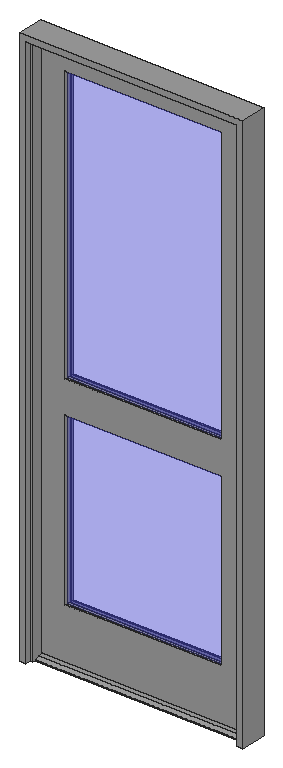
Revit family "MS-375 PIVOT DOOR-VIP-1-CW_v05", category Curtain Panels, Revit 2015
Parameters
  Width [instance] = 3' - 2"
  VIP2 Panic Devices [instance] = not(VIP1 Panic Devices)  # yes
  URL = "obe.com"
  Rough Width [instance] = 3' - 2"
  Panel Width [instance] = [Min-Max Panel Width]  # 3' - 0"
  Panel Offset [instance] = 0' - 0"
  Offset [instance] = 0' - 1"
  Model = "MS-375 DOOR"
  Min-Max Rough Width [instance] = if(and((Rough Width > 3' 1 255/256"), (Rough Width < 3' 8 1/256")), Rough Width, 3' 8")  # 3' - 2"
  Min-Max Panel Width [instance] = if(and((Rough Width > 3' 1 255/256"), (Rough Width < 3' 8 1/256")), Rough Width - 0' 2", 3' 6")  # 3' - 0"
  Manufacturer = "Oldcastle BuildingEnvelope®"
  Keynote = "08 11 00"
  Height [instance] = 8' - 0"
  Pushbar Height [instance] = 3' - 5 1/4"  # constant formula
  Glass Material = Glass
  Frame Material = Aluminum
  Door Panel Height [instance] = Height - 0' 0 19/32"  # 7' - 11 13/32"
  Description = "MS-375 - 1\" Door Infill"
  Assembly Code = "B2030"
  Analytic Construction = "<None>"
  VIP1 Panic Devices [instance] = no
  10 Bottom Rail [instance] = not([8 Bottom Rail])  # no
  8 Bottom Rail [instance] = yes
Reference planes (in)
  plane 1 "Front": y = 0
  plane 2: z = 0
  plane 3 "Center (Left/Right)": x = 0
  plane 4 "Left": x = -19
  plane 5 "Right": x = 19
  plane 6 "Top": z = 96
  plane 7 "Offset": y = -1
  plane 8: y = -2.28244
  plane 9: y = -2.28244
  plane 10: x = -19
  plane 11: x = 19
Forms (in)
  Sweep 1, solid, material "Aluminum" <- "Frame Material"
    path origin (0, -1, 0) x (-1, 0, 0) y (0, 0, 1)
      loop
        line (19, 0) -> (19, 96)
    profile origin (-19, -1, 48) x (1, 0, 0) y (0, 1, 0)
      loop
        line (1, -1.97) -> (1, 0) -> (0, 0) -> (0, -4.5) -> (1, -4.5) -> (1, -3.595) -> (1.5, -3.595) -> (1.5, -1.97) -> (1, -1.97)
  Sweep 2, solid, material "Aluminum" <- "Frame Material"
    path origin (0, -1, 0) x (-1, 0, 0) y (0, 0, 1)
      loop
        line (-19, 0) -> (-19, 96)
    profile origin (19, -1, 48) x (1, 0, 0) y (0, 1, 0)
      loop
        line (-1, -1.97) -> (-1.5, -1.97) -> (-1.5, -3.595) -> (-1, -3.595) -> (-1, -4.5) -> (0, -4.5) -> (0, 0) -> (-1, 0) -> (-1, -1.97)
  Extrusion 3, solid, material "Aluminum" <- "Frame Material"
    sketch origin (-19, 0, 0) x (0, -1, 0) y (0, 0, 1)
      loop
        line (2.97, 94.5) -> (4.595, 94.5) -> (4.595, 95) -> (5.5, 95) -> (5.5, 96) -> (1, 96) -> (1, 95) -> (2.97, 95) -> (2.97, 94.5)
    from -38 to 0
Cuts and joins
  joined: Sweep 1, Sweep 2, Extrusion 3
Text (in)
  text "Exterior" at (-54.29358, 31.38743, 0), in view "Ref. Level"
  text "Exterior" at (480, 41.53993, 89.60405), in view "Right"
  text "Exterior" at (-240, 57.82419, 105.78864), in view "Left"
Dimensions and locks (in)
  equal spacing: plane 4 "Left", plane 3 "Center (Left/Right)", plane 5 "Right"
  "Width": plane 4 "Left" to plane 5 "Right"
  "Height": plane 6 "Top" to plane 2
  "Offset": plane 1 "Front" to plane 7 "Offset"
  locked: plane 7 "Offset" to plane 8 at 1.28244
  locked: plane 7 "Offset" to plane 9 at 1.28244
  locked: plane 7 "Offset" to nested 3 at 1.28244
  Extrusion 3 sketch curve to Extrusion 3 sketch curve to Extrusion 3 sketch curve = 0' - 0 1/2" locked, 0' - 0" locked
  Extrusion 3 sketch curve to Extrusion 3 sketch curve to Extrusion 3 sketch curve to Extrusion 3 sketch curve = 0' - 1.97" locked, 0' - 1 5/8" locked, 0' - 0.905" locked
  locked: Extrusion 3 sketch curve to Extrusion 3 sketch curve at 1
  equal spacing: plane 10, plane 3 "Center (Left/Right)", plane 11
  "Min-Max Rough Width": plane 10 to plane 11
  aligned and locked: level to plane 2
  aligned and locked: nested 1 to plane 8
  aligned and locked: nested 2 to plane 9
  aligned and locked: plane 6 "Top" to Sweep 1 sketch curve
  aligned and locked: level to Sweep 1 sketch curve
  aligned and locked: plane 6 "Top" to Sweep 2 sketch curve
  aligned and locked: level to Sweep 2 sketch curve
  aligned and locked: plane 6 "Top" to nested 3
  aligned and locked: Extrusion 3 to plane 6 "Top"
  aligned and locked: Extrusion 3 sketch curve to plane 6 "Top"
  aligned and locked: plane 3 "Center (Left/Right)" to nested 4
  aligned and locked: nested 4 to plane 7 "Offset"  (x2)
  aligned and locked: nested 2 to plane 10
  aligned and locked: plane 11 to nested 1
  aligned and locked: Sweep 1 sketch curve to plane 10
  aligned and locked: plane 11 to Sweep 2 sketch curve
  aligned and locked: cut or joined group of Sweep 1, Sweep 2, Extrusion 3 to plane 11
  aligned and locked: cut or joined group of Sweep 1, Sweep 2, Extrusion 3 to plane 10
Automatic sketch dimensions
  Sweep 1 sketch curve to profile plane = 0' - 0"
  Sweep 1 sketch curve to plane 7 "Offset" = 0' - 0"
  Sweep 1 sketch curve to profile plane = 0' - 1"  (x2)
  Sweep 1 sketch curve to Sweep 1 sketch curve = 0' - 0 1/2"
  Sweep 1 sketch curve to plane 7 "Offset" = 0' - 1.97"
  Sweep 1 sketch curve to Sweep 1 sketch curve = 0' - 1 5/8"
  Sweep 1 sketch curve to Sweep 1 sketch curve = 0' - 0.905"
  Sweep 2 sketch curve to plane 7 "Offset" = 0' - 0"
  Sweep 2 sketch curve to profile plane = 0' - 0"
  profile plane to Sweep 2 sketch curve = 0' - 1"  (x2)
  Sweep 2 sketch curve to Sweep 2 sketch curve = 0' - 0 1/2"
  Sweep 2 sketch curve to plane 7 "Offset" = 0' - 1.97"
  Sweep 2 sketch curve to Sweep 2 sketch curve = 0' - 1 5/8"
  Sweep 2 sketch curve to Sweep 2 sketch curve = 0' - 0.905"
  Extrusion 3 sketch curve to plane 7 "Offset" = 0' - 0"
Nested families (in)
  nested 1: "2.5x6-RTCIG CW-H8533-DHD-OHD SC-DI" at (19, -2.28244, 0) x (0, -1, 0) z (0, 0, 1), type "2.5x6-RTCIG CW-H8533-DHD-OHD SC-DI"
  nested 2: "2.5x6-RTCIG CW-H8533-DHD-OHD SC-DI" at (-19, -2.28244, 0) x (0, -1, 0) z (0, 0, 1), type "2.5x6-RTCIG CW-H8533-DHD-OHD SC-DI"
  nested 3: "2.5x6-RTCIG CW-H8533-DHD-OHD SC-DI" at (-33, -2.28244, 96) x (0, -1, 0) z (-1, 0, 0), type "2.5x6-RTCIG CW-H8533-DHD-OHD SC-DI"
  nested 4: "MS-375 PIVOT DOOR-VIP-1-Panel_v04" at (0, -17, 0), Height <- "Door Panel Height", Frame Material <- "Frame Material", Glass Material <- "Glass Material", Width <- "Min-Max Panel Width", VIP1 Panic Devices <- "VIP1 Panic Devices", 8 Bottom Rail <- "8 Bottom Rail", VIP2 Panic Devices <- "VIP2 Panic Devices", type "MS-375 DOOR-1-Panel"
    with built-in parameter 1001301 3' - 0", VIP2 Panic Devices yes, VIP1 Panic Devices no, Pushbar Height 3' - 5 1/4", Offset 0' - 0", built-in parameter 1001300 7' - 11 13/32", Glass at Muntin 0' - 4 15/16", Glass Material Glass, Frame Material Aluminum, Bottom Rail 0' - 9 5/32", 8 Bottom Rail yes, 10 Bottom Rail no
Definition of nested family "MS-375 PIVOT DOOR-VIP-1-Panel_v04"
  Parameters (values of type "MS-375 DOOR-1-Panel")
    Width [instance] = 3' - 6"
    VIP2 Panic Devices [instance] = no
    VIP1 Panic Devices [instance] = not(VIP2 Panic Devices)  # yes
    Offset [instance] = 0' - 10 15/16"
    Height [instance] = 8' - 0"
    Glass at Muntin [instance] = if(VIP2 Panic Devices, 0' 4 15/16", 0' 8 15/16")  # 0' - 8 15/16"
    Pushbar Height [instance] = 3' - 5 1/4"  # constant formula
    Glass Material [instance] = none
    Frame Material [instance] = none
    Bottom Rail [instance] = if([10 Bottom Rail], 0' 11 5/32", 0' 9 5/32")  # 0' - 11 5/32"
    Analytic Construction = "<None>"
    8 Bottom Rail [instance] = no
    10 Bottom Rail [instance] = not([8 Bottom Rail])  # yes
  Reference planes (in)
    plane 1 "00": y = 4.0625
    plane 2: z = 0
    plane 3 "Center (Left/Right)": x = 0
    plane 4: z = 96
    plane 5: x = 21
    plane 6: x = -21
    plane 7 "Center (Front/Back)": y = 16
    plane 8 "Exterior": y = 4.5625
    plane 9: z = 48
    plane 10: z = 92.96875
    plane 11: z = 92
    plane 12: z = 11.15625
    plane 13: z = 36.78125
    plane 14: z = 45.71875
    plane 15: y = 5.0625
    plane 16: z = 41.25
  Forms (in)
    Sweep 1, solid, material <- "Frame Material"
      path origin (0, 4.0625, 0) x (1, 0, 0) y (0, 0, 1)
        loop
          line (-20.79246, 96) -> (20.80204, 96)
      profile origin (0.00479, 4.0625, 96) x (0, 0, 1) y (0, -1, 0)
        loop
          line (-0.40638, -0.875) -> (-0.40638, 0.875) -> (-2.74593, 0.875) -> (-4.28125, 0.875) -> (-4.28125, 0.5) -> (-4, 0.5) -> (-4, -0.5) -> (-4.28125, -0.5) -> (-4.28125, -0.875) -> (-2.74593, -0.875) -> (-0.40638, -0.875)
    Sweep 2, solid, material <- "Frame Material"
      path origin (0, 4.0625, 0) x (1, 0, 0) y (0, 0, 1)
        loop
          line (20.80204, 0) -> (-20.79246, 0)
      profile origin (0.00479, 4.0625, 0) x (0, 0, -1) y (0, -1, 0)
        loop
          line (-11.4375, -0.5) -> (-11.4375, -0.875) -> (-0.6875, -0.875) -> (-0.6875, 0.875) -> (-11.4375, 0.875) -> (-11.4375, 0.5) -> (-11.15625, 0.5) -> (-11.15625, -0.5) -> (-11.4375, -0.5)
        loop
          line (-0.5, 1.5305) -> (-0.5, -1.1555) -> (-0.19364, -1.8125) -> (-0.00001, -1.8125) -> (-0.00001, 2.1875) -> (-0.19364, 2.1875) -> (-0.5, 1.5305)
    Sweep 3, solid, material <- "Frame Material"
      path origin (0, 4.0625, 0) x (1, 0, 0) y (0, 0, 1)
        loop
          line (21, 95.59362) -> (21, 0.6875)
      profile origin (21, 4.0625, 48.14056) x (0, -1, 0) y (1, 0, 0)
        loop
          line (0.875, -0.19796) -> (-0.875, -0.08896) -> (-0.875, -2.31889) -> (-0.875, -4.58896) -> (-0.5, -4.58896) -> (-0.5, -4.30771) -> (0.5, -4.30771) -> (0.5, -4.58896) -> (0.875, -4.58896) -> (0.875, -2.31889) -> (0.875, -0.19796)
    Sweep 4, solid, material <- "Frame Material"
      path origin (0, 4.0625, 0) x (1, 0, 0) y (0, 0, 1)
        loop
          line (-21, 95.59362) -> (-21, 0.6875)
      profile origin (-21, 4.0625, 48.14056) x (0, -1, 0) y (1, 0, 0)
        loop
          line (-0.875, 0.09854) -> (0.875, 0.20754) -> (0.875, 2.21947) -> (0.875, 4.59854) -> (0.5, 4.59854) -> (0.5, 4.31729) -> (-0.5, 4.31729) -> (-0.5, 4.59854) -> (-0.875, 4.59854) -> (-0.875, 2.21947) -> (-0.875, 0.09854)
    Sweep 5, solid, material <- "Frame Material"
      path origin (0, 4.0625, 0) x (1, 0, 0) y (0, 0, 1)
        loop
          line (20.80204, 48) -> (-20.79246, 48)
      profile origin (0.00479, 4.0625, 48) x (0, 0, -1) y (0, -1, 0)
        loop
          line (7.5, -0.875) -> (11.5, -0.875) -> (11.5, -0.5) -> (11.21875, -0.5) -> (11.21875, 0.5) -> (11.5, 0.5) -> (11.5, 0.875) -> (7.5, 0.875) -> (2, 0.875) -> (2, 0.5) -> (2.28125, 0.5) -> (2.28125, -0.5) -> (2, -0.5) -> (2, -0.875) -> (7.5, -0.875)
    Extrusion 6, solid, material <- "Glass Material", detail levels coarse
      sketch origin (0, 0, 0) x (1, 0, 0) y (0, 1, 0)
        loop
          line (-16.68271, 4.5625) -> (-16.68271, 3.5625) -> (16.69229, 3.5625) -> (16.69229, 4.5625) -> (-16.68271, 4.5625)
      from 45.71875 to 92
    Extrusion 7, solid, material <- "Glass Material", detail levels medium+fine
      sketch origin (0, 0, 0) x (1, 0, 0) y (0, 1, 0)
        loop
          line (-16.68271, 3.5625) -> (16.69229, 3.5625) -> (16.69229, 3.8105) -> (-16.68271, 3.8105) -> (-16.68271, 3.5625)
        loop
          line (16.69229, 4.5625) -> (-16.68271, 4.5625) -> (-16.68271, 4.3145) -> (16.69229, 4.3145) -> (16.69229, 4.5625)
      from 45.71875 to 92
    Extrusion 8, solid, material <- "Glass Material", detail levels coarse
      sketch origin (0, 0, 0) x (1, 0, 0) y (0, 1, 0)
        loop
          line (-16.68271, 4.5625) -> (-16.68271, 3.5625) -> (16.69229, 3.5625) -> (16.69229, 4.5625) -> (-16.68271, 4.5625)
      from 11.15625 to 36.78125
    Extrusion 9, solid, material <- "Glass Material", detail levels medium+fine
      sketch origin (0, 0, 0) x (1, 0, 0) y (0, 1, 0)
        loop
          line (-16.68271, 4.5625) -> (-16.68271, 4.3145) -> (16.69229, 4.3145) -> (16.69229, 4.5625) -> (-16.68271, 4.5625)
        loop
          line (-16.68271, 3.8105) -> (-16.68271, 3.5625) -> (16.69229, 3.5625) -> (16.69229, 3.8105) -> (-16.68271, 3.8105)
      from 11.15625 to 36.78125
  Cuts and joins
    joined: Sweep 1, Sweep 2, Sweep 3, Sweep 4, Sweep 5
  Lines and regions (in)
    model lines
      curve 1: line (16.41104, 4.5625, 91.71875) -> (-16.68271, 4.5625, 48)
      curve 2: line (-16.68271, 4.5625, 48) -> (16.41104, 4.5625, 11.4375)
  Dimensions and locks (in)
    "Width": plane 6 to plane 5
    "Offset": plane 15 to plane 7 "Center (Front/Back)"
    plane 1 "00" to plane 8 "Exterior" to plane 15 = 0' - 0 1/2" locked, 0' - 0 1/2" locked
    equal spacing: level, plane 9, plane 4
    locked: Sweep 2 sketch curve to plane 6 at 0.20754
    locked: plane 5 to Sweep 2 sketch curve at 0.19796
    locked: Sweep 3 sketch curve to plane 4 at 0.40638
    locked: Sweep 4 sketch curve to plane 4 at 0.40638
    locked: Sweep 1 sketch curve to plane 6 at 0.20754
    locked: plane 5 to Sweep 1 sketch curve at 0.19796
    locked: plane 5 to Sweep 5 sketch curve at 0.19796
    locked: Sweep 5 sketch curve to plane 6 at 0.20754
    locked: plane 4 to plane 10 at 3.03125
    Extrusion 6 sketch curve to plane 1 "00" to Extrusion 6 sketch curve = 0' - 0 1/2" locked, 0' - 0 1/2" locked
    Extrusion 8 sketch curve to plane 1 "00" to Extrusion 8 sketch curve = 0' - 0 1/2" locked, 0' - 0 1/2" locked
    Extrusion 9 sketch curve to Extrusion 9 sketch curve to plane 1 "00" to Extrusion 9 sketch curve to Extrusion 9 sketch curve = 0' - 0.248" locked, 0' - 0.252" locked, 0' - 0.252" locked, 0' - 0.248" locked
    "Glass at Muntin": plane 13 to plane 14
    locked: plane 11 to plane 4 at 4
    "Bottom Rail": plane 12 to plane 2
    "Height": plane 4 to plane 2
    locked: Sweep 1 sketch curve to plane 11 at 0.28125  (x2)
    locked: plane 14 to Sweep 5 sketch curve at 0.28125  (x2)
    locked: plane 12 to Sweep 2 sketch curve at 0.28125  (x2)
    locked: Sweep 5 sketch curve to plane 13 at 0.28125  (x2)
    equal spacing: plane 6, plane 3 "Center (Left/Right)", plane 5
    Extrusion 7 sketch curve to Extrusion 7 sketch curve to Extrusion 7 sketch curve to Extrusion 7 sketch curve = 0' - 0.248" locked, 0' - 0.504" locked, 0' - 0.248" locked
    equal spacing: plane 13, plane 16, plane 14
    "Pushbar Height": plane 16 to plane 2
    locked: Sweep 4 sketch curve to plane 2 at 0.6875
    locked: Sweep 3 sketch curve to plane 2 at 0.6875
    locked: nested 2 to plane 1 "00" at 1.093
    aligned and locked: plane 2 to level
    aligned and locked: Sweep 1 sketch curve to plane 4
    aligned and locked: Sweep 2 sketch curve to level
    aligned and locked: level to nested 1
    aligned and locked: nested 1 to plane 1 "00"
    aligned and locked: plane 5 to Sweep 3 sketch curve
    aligned and locked: plane 6 to Sweep 4 sketch curve
    aligned and locked: Sweep 5 sketch curve to plane 9
    aligned and locked: Extrusion 7 to plane 11
    aligned and locked: Extrusion 6 to plane 11
    aligned and locked: plane 14 to Extrusion 7
    aligned and locked: plane 14 to Extrusion 6
    aligned and locked: Extrusion 8 to plane 13
    aligned and locked: Extrusion 9 to plane 13
    aligned and locked: plane 12 to Extrusion 9
    aligned and locked: plane 12 to Extrusion 8
    aligned and locked: plane 13 to cut or joined group of Sweep 1, Sweep 2, Sweep 3, Sweep 4, Sweep 5
    aligned and locked: plane 12 to Sweep 2 sketch curve
    aligned and locked: Sweep 5 sketch curve to plane 13
    aligned and locked: plane 14 to Sweep 5 sketch curve
    aligned and locked: cut or joined group of Sweep 1, Sweep 2, Sweep 3, Sweep 4, Sweep 5 to curve 1
    aligned and locked: nested 2 to plane 3 "Center (Left/Right)"
  Automatic sketch dimensions
    plane 1 "00" to Sweep 2 sketch curve = 0' - 0 7/8"
    profile plane to Sweep 2 sketch curve = 0' - 0 1/2"
    profile plane to Sweep 2 sketch curve = 0' - 0.19364"  (x2)
    profile plane to Sweep 2 sketch curve = 0' - 0"
    Sweep 2 sketch curve to Sweep 2 sketch curve = 0' - 0 3/8"
    Sweep 2 sketch curve to plane 1 "00" = 0' - 0 1/2"
    Sweep 2 sketch curve to plane 1 "00" = 0' - 0 7/8"
    Sweep 2 sketch curve to Sweep 2 sketch curve = 0' - 2.686"
    Sweep 2 sketch curve to Sweep 2 sketch curve = 0' - 0.657"  (x2)
    Sweep 2 sketch curve to Sweep 2 sketch curve = 0' - 0.6555"
    Sweep 4 sketch curve to plane 1 "00" = 0' - 0 7/8"
    Sweep 4 sketch curve to Sweep 4 sketch curve = 0' - 0 3/8"
    plane 1 "00" to Sweep 4 sketch curve = 0' - 0 1/2"
    plane 1 "00" to Sweep 4 sketch curve = 0' - 0 7/8"
    Sweep 4 sketch curve to profile plane = 0' - 0.09854"
    Sweep 4 sketch curve to Sweep 4 sketch curve = 0' - 2.12093"
    Sweep 4 sketch curve to Sweep 4 sketch curve = 0' - 0"
    Sweep 4 sketch curve to Sweep 4 sketch curve = 0' - 2.09782"
    Sweep 4 sketch curve to Sweep 4 sketch curve = 0' - 0 9/32"  (x2)
    Sweep 4 sketch curve to profile plane = 0' - 0.20754"
    plane 6 to Extrusion 6 sketch curve = 0' - 4.31729"
    Extrusion 6 sketch curve to plane 5 = 0' - 4.30771"
    plane 6 to Extrusion 7 sketch curve = 0' - 4.31729"
    Extrusion 7 sketch curve to Extrusion 7 sketch curve = 0' - 0"  (x2)
    Extrusion 7 sketch curve to plane 5 = 0' - 4.30771"
    plane 6 to Extrusion 8 sketch curve = 0' - 4.31729"
    Extrusion 8 sketch curve to plane 5 = 0' - 4.30771"
    plane 6 to Extrusion 9 sketch curve = 0' - 4.31729"
    Extrusion 9 sketch curve to Extrusion 9 sketch curve = 0' - 0"  (x2)
    Extrusion 9 sketch curve to plane 5 = 0' - 4.30771"
    plane 1 "00" to Sweep 5 sketch curve = 0' - 0 7/8"
    Sweep 5 sketch curve to plane 1 "00" = 0' - 0 1/2"  (x2)
    Sweep 5 sketch curve to Sweep 5 sketch curve = 0' - 3 23/32"
    Sweep 5 sketch curve to Sweep 5 sketch curve = 0' - 0 3/8"  (x3)
    Sweep 5 sketch curve to Sweep 5 sketch curve = 0' - 0"
    curve 2 to plane 9 = 0' - 0"
    plane 11 to curve 1 = 0' - 0 9/32"
    curve 1 to plane 5 = 0' - 4.58896"
    curve 2 to plane 12 = 0' - 0 9/32"
    plane 8 "Exterior" to Extrusion 7 sketch curve = 0' - 0"
    Sweep 2 sketch curve to Sweep 2 sketch curve = 0' - 0 3/16"
    Sweep 3 sketch curve to plane 1 "00" = 0' - 0 7/8"
    Sweep 3 sketch curve to Sweep 3 sketch curve = 0' - 0 3/8"  (x2)
    plane 1 "00" to Sweep 3 sketch curve = 0' - 0 1/2"
    profile plane to Sweep 3 sketch curve = 0' - 4.58896"
    Sweep 3 sketch curve to Sweep 3 sketch curve = 0' - 0"  (x2)
    Sweep 3 sketch curve to Sweep 3 sketch curve = 0' - 0 9/32"
    Sweep 3 sketch curve to Sweep 3 sketch curve = 0' - 1.98882"
    profile plane to Sweep 3 sketch curve = 0' - 0.19796"
    profile plane to Sweep 3 sketch curve = 0' - 0.08896"
    curve 2 to plane 5 = 0' - 4.58896"
    Sweep 1 sketch curve to Sweep 1 sketch curve = 0' - 0 9/32"
    Sweep 1 sketch curve to Sweep 1 sketch curve = 0' - 1.25407"  (x2)
    profile plane to Sweep 1 sketch curve = 0' - 0.40638"
    Sweep 1 sketch curve to plane 1 "00" = 0' - 0 7/8"
    Sweep 1 sketch curve to Sweep 1 sketch curve = 0' - 0 3/8"  (x2)
    plane 1 "00" to Sweep 1 sketch curve = 0' - 0 1/2"
  Nested families (in)
    nested 1: "MS-375 PIVOT DOOR-VIP-1-Section_v02" at (0, 4.0625, 0) x (0, -1, 0) z (1, 0, 0), Height <- "Height", 8 Bottom Rail <- "8 Bottom Rail", VIP 1 Panic Devices <- "VIP1 Panic Devices", type "MS-375 PIVOT DOOR-VIP-1-Section_v02"
      with VIP 2 Panic Devices no, VIP 1 Panic Devices yes, Pushbar Height 3' - 5 1/4", Height 8' - 0", Glass at Muntins 0' - 8 15/16", Bottom Rail 0' - 11 5/32", 8 Bottom Rail no, 10 Bottom Rail yes
    nested 2: "MS-375 PIVOT DOOR-VIP-1-Plan View_v02" at (0, 4.0625, 0) x (-1, 0, 0) z (0, 0, 1), Width <- "Width", type "MS-375 PIVOT DOOR-VIP-1-Plan View_v02"
  Definition of nested family "MS-375 PIVOT DOOR-VIP-1-Section_v02"
    Parameters (values of type "MS-375 PIVOT DOOR-VIP-1-Section_v02")
      VIP 2 Panic Devices [instance] = not(VIP 1 Panic Devices)  # no
      VIP 1 Panic Devices [instance] = yes
      Height [instance] = 8' - 0"
      Glass at Muntins [instance] = if(VIP 2 Panic Devices, 0' 4 15/16", 0' 8 15/16")  # 0' - 8 15/16"
      Pushbar Height [instance] = 3' - 5 1/4"  # constant formula
      Bottom Rail [instance] = if([10 Bottom Rail], 0' 11 5/32", 0' 9 5/32")  # 0' - 11 5/32"
      10 Bottom Rail [instance] = not([8 Bottom Rail])  # yes
      8 Bottom Rail [instance] = no
    Reference planes (in)
      plane 1 "Center (Front/Back)": y = 0
      plane 2: z = 0
      plane 3 "Center (Left/Right)": x = 0
      plane 4: y = 11.15625
      plane 5: y = 91.99987
      plane 6: y = 96
      plane 7: y = 45.71875
      plane 8: y = 36.78125
      plane 9: y = 46
      plane 10: y = 41.25
      plane 11: y = 44
    Lines and regions (in)
      detail lines, in view "Ref. Level"
        curve 1: line (-0.5, 91.99987, 0) -> (-0.5, 45.71875, 0)
        curve 10: line (0.5, 91.99987, 0) -> (0.5, 45.71875, 0)
        curve 11: line (-0.5, 36.78125, 0) -> (-0.5, 11.15625, 0)
        curve 20: line (0.5, 36.78125, 0) -> (0.5, 11.15625, 0)
      detail lines, in view "Ref. Level", detail levels fine
        curve 2: line (-0.438, 91.99987, 0) -> (-0.438, 45.71875, 0)
        curve 3: line (-0.376, 91.99987, 0) -> (-0.376, 45.71875, 0)
        curve 4: line (-0.314, 91.99987, 0) -> (-0.314, 45.71875, 0)
        curve 7: line (0.314, 91.99987, 0) -> (0.314, 45.71875, 0)
        curve 8: line (0.376, 91.99987, 0) -> (0.376, 45.71875, 0)
        curve 9: line (0.438, 91.99987, 0) -> (0.438, 45.71875, 0)
        curve 12: line (-0.438, 36.78125, 0) -> (-0.438, 11.15625, 0)
        curve 13: line (-0.376, 36.78125, 0) -> (-0.376, 11.15625, 0)
        curve 14: line (-0.314, 36.78125, 0) -> (-0.314, 11.15625, 0)
        curve 17: line (0.314, 36.78125, 0) -> (0.314, 11.15625, 0)
        curve 18: line (0.376, 36.78125, 0) -> (0.376, 11.15625, 0)
        curve 19: line (0.438, 36.78125, 0) -> (0.438, 11.15625, 0)
      detail lines, in view "Ref. Level", detail levels medium+fine
        curve 5: line (-0.252, 91.99987, 0) -> (-0.252, 45.71875, 0)
        curve 6: line (0.252, 91.99987, 0) -> (0.252, 45.71875, 0)
        curve 15: line (-0.252, 36.78125, 0) -> (-0.252, 11.15625, 0)
        curve 16: line (0.252, 36.78125, 0) -> (0.252, 11.15625, 0)
    Dimensions and locks (in)
      "Bottom Rail": plane 4 to plane 1 "Center (Front/Back)"
      "Height": plane 6 to plane 1 "Center (Front/Back)"
      "Glass at Muntins": plane 8 to plane 7
      nested 1 to plane 6 to plane 5 = 0' - 3.09362" locked, 0' - 4.00013" locked
      equal spacing: plane 8, plane 10, plane 7
      "Pushbar Height": plane 1 "Center (Front/Back)" to plane 10
      plane 10 to plane 11 to plane 9 = 0' - 2 3/4" locked, 0' - 2" locked
      aligned and locked: plane 3 "Center (Left/Right)" to nested 1
      aligned and locked: plane 3 "Center (Left/Right)" to nested 2
      aligned and locked: plane 3 "Center (Left/Right)" to nested 3
      aligned and locked: plane 3 "Center (Left/Right)" to nested 4
      aligned and locked: plane 3 "Center (Left/Right)" to nested 5
      aligned and locked: plane 1 "Center (Front/Back)" to nested 2
      aligned and locked: plane 5 to curve 1
      aligned and locked: plane 5 to curve 2
      aligned and locked: plane 5 to curve 3
      aligned and locked: plane 5 to curve 4
      aligned and locked: plane 5 to curve 5
      aligned and locked: plane 5 to curve 6
      aligned and locked: plane 5 to curve 7
      aligned and locked: plane 5 to curve 8
      aligned and locked: plane 5 to curve 9
      aligned and locked: plane 5 to curve 10
      aligned and locked: plane 7 to curve 1
      aligned and locked: plane 7 to curve 2
      aligned and locked: plane 7 to curve 3
      aligned and locked: plane 7 to curve 4
      aligned and locked: plane 7 to curve 5
      aligned and locked: plane 7 to curve 6
      aligned and locked: plane 7 to curve 7
      aligned and locked: plane 7 to curve 8
      aligned and locked: plane 7 to curve 9
      aligned and locked: plane 7 to curve 10
      aligned and locked: plane 4 to curve 11
      aligned and locked: plane 4 to curve 12
      aligned and locked: plane 4 to curve 13
      aligned and locked: plane 4 to curve 14
      aligned and locked: plane 4 to curve 15
      aligned and locked: plane 4 to curve 16
      aligned and locked: plane 4 to curve 17
      aligned and locked: plane 4 to curve 18
      aligned and locked: plane 4 to curve 19
      aligned and locked: plane 4 to curve 20
      aligned and locked: plane 8 to curve 20
      aligned and locked: plane 8 to curve 19
      aligned and locked: plane 8 to curve 18
      aligned and locked: plane 8 to curve 17
      aligned and locked: plane 8 to curve 16
      aligned and locked: plane 8 to curve 15
      aligned and locked: plane 8 to curve 14
      aligned and locked: plane 8 to curve 13
      aligned and locked: plane 8 to curve 12
      aligned and locked: plane 8 to curve 11
      aligned and locked: plane 5 to nested 1  (x11)
      aligned and locked: plane 1 "Center (Front/Back)" to nested 3
      aligned and locked: plane 9 to nested 4
      aligned and locked: plane 11 to nested 5
    Automatic sketch dimensions
      curve 1 to plane 3 "Center (Left/Right)" = 0' - 0 1/2"
      curve 11 to plane 3 "Center (Left/Right)" = 0' - 0 1/2"
      curve 1 to curve 2 = 0' - 0.062"
      curve 11 to curve 12 = 0' - 0.062"
      curve 2 to curve 3 = 0' - 0.062"
      curve 12 to curve 13 = 0' - 0.062"
      curve 13 to curve 14 = 0' - 0.062"
      curve 3 to curve 4 = 0' - 0.062"
      curve 4 to curve 5 = 0' - 0.062"
      curve 14 to curve 15 = 0' - 0.062"
      plane 3 "Center (Left/Right)" to curve 6 = 0' - 0.252"
      plane 3 "Center (Left/Right)" to curve 16 = 0' - 0.252"
      curve 6 to curve 7 = 0' - 0.062"
      curve 16 to curve 17 = 0' - 0.062"
      curve 17 to curve 18 = 0' - 0.062"
      curve 7 to curve 8 = 0' - 0.062"
      curve 8 to curve 9 = 0' - 0.062"
      curve 18 to curve 19 = 0' - 0.062"
      curve 9 to curve 10 = 0' - 0.062"
      curve 19 to curve 20 = 0' - 0.062"
    Nested families (in)
      nested 1: "TOP RAIL-DI" at (0, 99.09362, 0), type "TOP RAIL-DI", in view "Ref. Level"
      nested 2: "8 BOT RAIL-DI" at (0, 9.4375, 0), visible <- "8 Bottom Rail", type "4 BOT RAIL-DI", in view "Ref. Level"
      nested 3: "10 BOT RAIL-DI" at (0, 11.4375, 0), visible <- "10 Bottom Rail", type "6.5 BOT RAIL-DI", in view "Ref. Level"
      nested 4: "MIDRAIL-VIP1-DI" at (0, 46, 0), visible <- "VIP 1 Panic Devices", type "MIDRAIL-VIP1-DI", in view "Ref. Level"
      nested 5: "MIDRAIL-VIP2-DI" at (0, 44, 0), visible <- "VIP 2 Panic Devices", type "MIDRAIL-VIP2-DI", in view "Ref. Level"
    Definition of nested family "TOP RAIL-DI"
      Reference planes (in)
        plane 1 "Center (Front/Back)": y = 0
        plane 2: z = 0
        plane 3 "Center (Left/Right)": x = 0
      Lines and regions (in)
        detail lines, in view "Ref. Level"
          curve 1: line (-0.875, -3.625, 0) -> (0.875, -3.625, 0)
          curve 2: line (0.875, -3.625, 0) -> (0.875, -7.375, 0)
          curve 3: line (0.875, -7.375, 0) -> (0.5, -7.375, 0)
          curve 4: line (0.5, -7.375, 0) -> (0.5, -7.09375, 0)
          curve 5: line (0.5, -7.09375, 0) -> (-0.5, -7.09375, 0)
          curve 6: line (-0.5, -7.09375, 0) -> (-0.5, -7.375, 0)
          curve 7: line (-0.5, -7.375, 0) -> (-0.875, -7.375, 0)
          curve 8: line (-0.875, -7.375, 0) -> (-0.875, -3.625, 0)
    Definition of nested family "8 BOT RAIL-DI"
      Reference planes (in)
        plane 1 "Center (Front/Back)": y = 0
        plane 2: z = 0
        plane 3 "Center (Left/Right)": x = 0
      Lines and regions (in)
        detail lines, in view "Ref. Level"
          curve 1: line (-0.875, 0, 0) -> (-0.5, 0, 0)
          curve 2: line (-0.5, 0, 0) -> (-0.5, -0.28125, 0)
          curve 3: line (-0.5, -0.28125, 0) -> (0.5, -0.28125, 0)
          curve 4: line (0.5, -0.28125, 0) -> (0.5, 0, 0)
          curve 5: line (0.5, 0, 0) -> (0.875, 0, 0)
          curve 6: line (0.875, 0, 0) -> (0.875, -8.75, 0)
          curve 7: line (0.875, -8.75, 0) -> (-0.875, -8.75, 0)
          curve 8: line (-0.875, -8.75, 0) -> (-0.875, 0, 0)
          curve 9: line (-1.1555, -8.9375, 0) -> (-1.8125, -9.24386, 0)
          curve 10: line (-1.8125, -9.24386, 0) -> (-1.8125, -9.43749, 0)
          curve 11: line (-1.8125, -9.43749, 0) -> (2.1875, -9.43749, 0)
          curve 12: line (2.1875, -9.43749, 0) -> (2.1875, -9.24386, 0)
          curve 13: line (2.1875, -9.24386, 0) -> (1.5305, -8.9375, 0)
          curve 14: line (1.5305, -8.9375, 0) -> (-1.1555, -8.9375, 0)
    Definition of nested family "10 BOT RAIL-DI"
      Reference planes (in)
        plane 1 "Center (Front/Back)": y = 0
        plane 2: z = 0
        plane 3 "Center (Left/Right)": x = 0
      Lines and regions (in)
        detail lines, in view "Ref. Level"
          curve 1: line (-0.875, 0, 0) -> (-0.5, 0, 0)
          curve 2: line (-0.5, 0, 0) -> (-0.5, -0.28125, 0)
          curve 3: line (-0.5, -0.28125, 0) -> (0.5, -0.28125, 0)
          curve 4: line (0.5, -0.28125, 0) -> (0.5, 0, 0)
          curve 5: line (0.5, 0, 0) -> (0.875, 0, 0)
          curve 6: line (0.875, 0, 0) -> (0.875, -10.75, 0)
          curve 7: line (0.875, -10.75, 0) -> (-0.875, -10.75, 0)
          curve 8: line (-0.875, -10.75, 0) -> (-0.875, 0, 0)
          curve 9: line (2.1875, -11.24386, 0) -> (1.5305, -10.9375, 0)
          curve 10: line (1.5305, -10.9375, 0) -> (-1.1555, -10.9375, 0)
          curve 11: line (-1.1555, -10.9375, 0) -> (-1.8125, -11.24386, 0)
          curve 12: line (-1.8125, -11.24386, 0) -> (-1.8125, -11.43749, 0)
          curve 13: line (-1.8125, -11.43749, 0) -> (2.1875, -11.43749, 0)
          curve 14: line (2.1875, -11.43749, 0) -> (2.1875, -11.24386, 0)
    Definition of nested family "MIDRAIL-VIP1-DI"
      Reference planes (in)
        plane 1 "Center (Front/Back)": y = 0
        plane 2: z = 0
        plane 3 "Center (Left/Right)": x = 0
      Lines and regions (in)
        detail lines, in view "Ref. Level"
          curve 1: line (-0.875, 0, 0) -> (-0.5, 0, 0)
          curve 2: line (-0.5, 0, 0) -> (-0.5, -0.28125, 0)
          curve 3: line (-0.5, -0.28125, 0) -> (0.5, -0.28125, 0)
          curve 4: line (0.5, -0.28125, 0) -> (0.5, 0, 0)
          curve 5: line (0.5, 0, 0) -> (0.875, 0, 0)
          curve 6: line (0.875, 0, 0) -> (0.875, -9.5, 0)
          curve 7: line (0.875, -9.5, 0) -> (0.5, -9.5, 0)
          curve 8: line (0.5, -9.5, 0) -> (0.5, -9.21875, 0)
          curve 9: line (0.5, -9.21875, 0) -> (-0.5, -9.21875, 0)
          curve 10: line (-0.5, -9.21875, 0) -> (-0.5, -9.5, 0)
          curve 11: line (-0.5, -9.5, 0) -> (-0.875, -9.5, 0)
          curve 12: line (-0.875, -9.5, 0) -> (-0.875, 0, 0)
    Definition of nested family "MIDRAIL-VIP2-DI"
      Reference planes (in)
        plane 1 "Center (Front/Back)": y = 0
        plane 2: z = 0
        plane 3 "Center (Left/Right)": x = 0
      Lines and regions (in)
        detail lines, in view "Ref. Level"
          curve 1: line (-0.875, 0, 0) -> (-0.5, 0, 0)
          curve 2: line (-0.5, 0, 0) -> (-0.5, -0.28125, 0)
          curve 3: line (-0.5, -0.28125, 0) -> (0.5, -0.28125, 0)
          curve 4: line (0.5, -0.28125, 0) -> (0.5, 0, 0)
          curve 5: line (0.5, 0, 0) -> (0.875, 0, 0)
          curve 6: line (0.875, 0, 0) -> (0.875, -5.5, 0)
          curve 7: line (0.875, -5.5, 0) -> (0.5, -5.5, 0)
          curve 8: line (0.5, -5.5, 0) -> (0.5, -5.21875, 0)
          curve 9: line (0.5, -5.21875, 0) -> (-0.5, -5.21875, 0)
          curve 10: line (-0.5, -5.21875, 0) -> (-0.5, -5.5, 0)
          curve 11: line (-0.5, -5.5, 0) -> (-0.875, -5.5, 0)
          curve 12: line (-0.875, -5.5, 0) -> (-0.875, 0, 0)
  Definition of nested family "MS-375 PIVOT DOOR-VIP-1-Plan View_v02"
    Parameters (values of type "MS-375 PIVOT DOOR-VIP-1-Plan View_v02")
      Width [instance] = 3' - 6"
    Reference planes (in)
      plane 1 "Center (Front/Back)": y = 0
      plane 2: z = 0
      plane 3 "Center (Left/Right)": x = 0
      plane 4: x = -21
      plane 5: x = 21
      plane 6: x = -19.6875
      plane 7: y = 1.093
      plane 8: y = -43.25
      plane 9: y = -1.25
      plane 10: x = -20.9375
    Lines and regions (in)
      detail lines, in view "Ref. Level", not visible
        curve 1: line (-16.6875, 0.5, 0) -> (16.71875, 0.5, 0)
        curve 2: line (-16.6875, -0.5, 0) -> (16.71875, -0.5, 0)
        curve 13: line (-16.6875, -0.252, 0) -> (16.71875, -0.252, 0)
        curve 14: line (-16.6875, 0.252, 0) -> (16.71875, 0.252, 0)
      detail lines, in view "Ref. Level"
        curve 3: line (-20.1875, -38.90625, 0) -> (-20.1875, -5.46875, 0)
        curve 7: line (-19.1875, -38.90625, 0) -> (-19.1875, -5.46875, 0)
        curve 15: arc (-20.5625, -43.125, 0) -> (8.93776, -30.59493, 0) -> (20.9375, -0.875, 0) r 41.87668
      detail lines, in view "Ref. Level", detail levels fine
        curve 4: line (-20.1255, -38.90625, 0) -> (-20.1255, -5.46875, 0)
        curve 5: line (-20.0635, -38.90625, 0) -> (-20.0635, -5.46875, 0)
        curve 6: line (-20.0015, -38.90625, 0) -> (-20.0015, -5.46875, 0)
        curve 8: line (-19.3735, -38.90625, 0) -> (-19.3735, -5.46875, 0)
        curve 9: line (-19.3115, -38.90625, 0) -> (-19.3115, -5.46875, 0)
        curve 10: line (-19.2495, -38.90625, 0) -> (-19.2495, -5.46875, 0)
      detail lines, in view "Ref. Level", detail levels medium+fine
        curve 11: line (-19.9395, -38.90625, 0) -> (-19.9395, -5.46875, 0)
        curve 12: line (-19.4355, -38.90625, 0) -> (-19.4355, -5.46875, 0)
    Dimensions and locks (in)
      "Width": plane 4 to plane 5
      equal spacing: plane 4, plane 3 "Center (Left/Right)", plane 5
      "Width": plane 8 to plane 9
      locked: plane 8 to nested 2 at 2.218
      locked: plane 5 to nested 1 at 2.2805
      locked: plane 4 to plane 6 at 1.3125
      locked: plane 4 to plane 10 at 0.0625
      locked: plane 9 to plane 1 "Center (Front/Back)" at 1.25
      locked: nested 3 to plane 4 at 2.2805
      locked: plane 1 "Center (Front/Back)" to plane 7 at 1.093
      aligned and locked: nested 1 to plane 1 "Center (Front/Back)"
      aligned and locked: nested 2 to plane 6
      aligned and locked: nested 1 to curve 1
      aligned and locked: nested 1 to curve 14
      aligned and locked: nested 1 to curve 13
      aligned and locked: curve 2 to nested 1
      aligned and locked: nested 2 to curve 12
      aligned and locked: nested 2 to curve 8
      aligned and locked: nested 2 to nested 2  (x3)
      aligned and locked: nested 2 to curve 9
      aligned and locked: nested 2 to curve 10
      aligned and locked: nested 2 to curve 7
      aligned and locked: nested 2 to curve 11
      aligned and locked: nested 2 to curve 6
      aligned and locked: nested 2 to curve 5
      aligned and locked: nested 2 to curve 4
      aligned and locked: nested 2 to curve 3
      aligned and locked: plane 1 "Center (Front/Back)" to nested 3
      aligned and locked: nested 4 to nested 4  (x2)
      aligned and locked: plane 6 to nested 4
      aligned and locked: curve 3 to nested 4
      aligned and locked: nested 4 to curve 4
      aligned and locked: nested 4 to curve 5
      aligned and locked: nested 4 to curve 6
      aligned and locked: nested 4 to curve 11
      aligned and locked: nested 4 to curve 12
      aligned and locked: nested 4 to curve 8
      aligned and locked: nested 4 to curve 9
      aligned and locked: nested 4 to curve 10
      aligned and locked: nested 4 to curve 7
      aligned and locked: nested 4 to plane 7
      aligned and locked: curve 15 to nested 1
    Automatic sketch dimensions
      curve 15 to plane 9 = 0' - 0"
      curve 15 to plane 10 = 0' - 0"
      plane 8 to curve 15 = 0' - 0 1/8"
      plane 10 to curve 15 = 0' - 0 3/8"
      plane 6 to curve 3 = 0' - 0 1/2"
      curve 3 to curve 4 = 0' - 0.062"
      curve 4 to curve 5 = 0' - 0.062"
      curve 5 to curve 6 = 0' - 0.062"
      curve 6 to curve 11 = 0' - 0.062"
      curve 12 to plane 6 = 0' - 0.252"
      curve 12 to curve 8 = 0' - 0.062"
      curve 8 to curve 9 = 0' - 0.062"
      curve 9 to curve 10 = 0' - 0.062"
      curve 10 to curve 7 = 0' - 0.062"
      plane 1 "Center (Front/Back)" to curve 13 = 0' - 0.252"
      curve 13 to plane 6 = 0' - 3"
      curve 2 to curve 13 = 0' - 0"
      curve 1 to curve 13 = 0' - 0"
      curve 14 to curve 1 = 0' - 0"
      curve 2 to curve 13 = 0' - 0.248"
      curve 14 to plane 1 "Center (Front/Back)" = 0' - 0.252"
      curve 14 to curve 1 = 0' - 0.248"
    Nested families (in)
      nested 1: "HINGE-PD-DI" at (23.2805, 0, 0) x (-1, 0, 0) z (0, 0, 1), type "HINGE-PD-DI", in view "Ref. Level", not visible
      nested 2: "HINGE-PD-DI" at (-19.6875, -45.468, 0) x (0, 1, 0) z (0, 0, 1), type "HINGE-PD-DI", in view "Ref. Level"
      nested 3: "HINGE-PD-DI" at (-23.2805, 0, 0), type "HINGE-PD-DI", in view "Ref. Level", not visible
      nested 4: "HINGE-PD-DI" at (-19.6875, 1.093, 0) x (0, -1, 0) z (0, 0, 1), type "HINGE-PD-DI", in view "Ref. Level"
    Definition of nested family "HINGE-PD-DI"
      Reference planes (in)
        plane 1 "Center (Front/Back)": y = 0
        plane 2: z = 0
        plane 3 "Center (Left/Right)": x = 0
      Lines and regions (in)
        detail lines, in view "Ref. Level"
          curve 1: line (2.452, 0.875, 0) -> (2.343, -0.875, 0)
          curve 2: line (2.343, -0.875, 0) -> (6.843, -0.875, 0)
          curve 3: line (6.843, -0.875, 0) -> (6.843, -0.5, 0)
          curve 4: line (6.843, -0.5, 0) -> (6.56175, -0.5, 0)
          curve 5: line (6.56175, -0.5, 0) -> (6.56175, 0.5, 0)
          curve 6: line (6.56175, 0.5, 0) -> (6.843, 0.5, 0)
          curve 7: line (6.843, 0.5, 0) -> (6.843, 0.875, 0)
          curve 8: line (6.843, 0.875, 0) -> (2.452, 0.875, 0)
Definition of nested family "2.5x6-RTCIG CW-H8533-DHD-OHD SC-DI"
  Reference planes (in)
    plane 1 "Center (Front/Back)": y = 0
    plane 2: z = 0
    plane 3 "Center (Left/Right)": x = 0
  Lines and regions (in)
    Filled region 1, type "2.5x6.75-RC CW-SSA-SG-H1416-DHD-OHD SC-FINE-1", in view "Ref. Level", detail levels fine
      outline origin (0, 2.5, 0) x (1, 0, 0) y (0, 1, 0)
        loop
          line (-1.03244, -2.5) -> (-1.28244, -2.5)
          arc (-1.28244, -2.5) -> (-1.26095, -2.625) -> (-1.28244, -2.75) r 0.37439
          line (-1.28244, -2.75) -> (-1.03244, -2.75) -> (-1.03244, -2.5)
    Filled region 2, type "2.5x6.75-RC CW-SSA-SG-H1416-DHD-OHD SC-FINE-1", in view "Ref. Level", detail levels fine
      outline origin (0, 2.5, 0) x (1, 0, 0) y (0, 1, 0)
        loop
          line (2.96756, -2.5) -> (2.96756, -2.75) -> (3.21756, -2.75)
          arc (3.21756, -2.75) -> (3.19608, -2.625) -> (3.21756, -2.5) r 0.37439
          line (3.21756, -2.5) -> (2.96756, -2.5)
    Filled region 3, type "2.5x6.75-RC CW-SSA-SG-H1416-DHD-OHD SC-FINE-1", in view "Ref. Level", not visible, detail levels fine
      outline origin (0, 2.5, 0) x (1, 0, 0) y (0, 1, 0)
        loop
          line (-1.03244, -2.5) -> (-1.28244, -2.5)
          arc (-1.28244, -2.5) -> (-1.26095, -2.625) -> (-1.28244, -2.75) r 0.37439
          line (-1.28244, -2.75) -> (-1.03244, -2.75) -> (-1.03244, -2.5)
    Filled region 4, type "2.5x6.75-RC CW-SSA-SG-H1416-DHD-OHD SC-FINE-1", in view "Ref. Level", not visible, detail levels fine
      outline origin (0, 2.5, 0) x (1, 0, 0) y (0, 1, 0)
        loop
          line (2.96756, -2.5) -> (2.96756, -2.75) -> (3.21756, -2.75)
          arc (3.21756, -2.75) -> (3.19608, -2.625) -> (3.21756, -2.5) r 0.37439
          line (3.21756, -2.5) -> (2.96756, -2.5)
    detail lines, in view "Ref. Level", detail levels fine
      curve 1: arc (1.65506, -0.328, 0) -> (1.67791, -0.38315, 0) -> (1.73306, -0.406, 0) r 0.078
      curve 2: arc (0.20206, -0.406, 0) -> (0.25722, -0.38315, 0) -> (0.28006, -0.328, 0) r 0.078
      curve 3: arc (0.68756, -1.173, 0) -> (0.71506, -1.2005, 0) -> (0.74256, -1.173, 0) r 0.0275
      curve 4: arc (0.74256, -1.408, 0) -> (0.71506, -1.3805, 0) -> (0.68756, -1.408, 0) r 0.0275
      curve 5: arc (2.00056, -1, 0) -> (1.96239, -1.07442, 0) -> (2.04511, -1.062, 0) r 0.047
      curve 6: arc (0.95295, -1.053, 0) -> (1.03486, -1.07804, 0) -> (0.99956, -1, 0) r 0.047
      curve 7: line (1.73306, -0.406, 0) -> (1.98306, -0.406, 0)
      curve 8: line (1.98306, -0.406, 0) -> (1.98306, -0.375, 0)
      curve 9: line (1.98306, -0.375, 0) -> (3.09256, -0.375, 0)
      curve 10: line (3.09256, -0.375, 0) -> (3.09256, -0.875, 0)
      curve 11: line (3.09256, -0.875, 0) -> (-1.15744, -0.875, 0)
      curve 12: line (-1.15744, -0.875, 0) -> (-1.15744, -0.375, 0)
      curve 13: line (-1.15744, -0.375, 0) -> (-0.04794, -0.375, 0)
      curve 14: line (-0.04794, -0.375, 0) -> (-0.04794, -0.406, 0)
      curve 15: line (-0.04794, -0.406, 0) -> (0.20206, -0.406, 0)
      curve 16: line (0.28006, -0.328, 0) -> (0.03006, -0.328, 0)
      curve 17: line (0.03006, -0.328, 0) -> (0.03006, -0.25, 0)
      curve 18: line (0.03006, -0.25, 0) -> (-1.28244, -0.25, 0)
      curve 19: line (-1.28244, -0.25, 0) -> (-1.28244, -1, 0)
      curve 20: line (-1.28244, -1, 0) -> (3.21756, -1, 0)
      curve 21: line (3.21756, -1, 0) -> (3.21756, -0.25, 0)
      curve 22: line (3.21756, -0.25, 0) -> (1.90506, -0.25, 0)
      curve 23: line (1.90506, -0.25, 0) -> (1.90506, -0.328, 0)
      curve 24: line (1.90506, -0.328, 0) -> (1.65506, -0.328, 0)
      curve 25: line (0.74256, -1.173, 0) -> (0.74256, -1.143, 0)
      curve 26: line (0.74256, -1.143, 0) -> (0.79756, -1.143, 0)
      curve 27: line (0.79756, -1.143, 0) -> (0.79756, -1.438, 0)
      curve 28: line (0.79756, -1.438, 0) -> (0.74256, -1.438, 0)
      curve 29: line (0.74256, -1.438, 0) -> (0.74256, -1.408, 0)
      curve 30: line (0.68756, -1.408, 0) -> (0.68756, -1.5, 0)
      curve 31: line (0.68756, -1.5, 0) -> (2.31256, -1.5, 0)
      curve 32: line (2.31256, -1.5, 0) -> (2.31256, -1, 0)
      curve 33: line (2.31256, -1, 0) -> (2.00056, -1, 0)
      curve 34: line (2.04511, -1.062, 0) -> (2.25056, -1.062, 0)
      curve 35: line (2.25056, -1.062, 0) -> (2.25056, -1.438, 0)
      curve 36: line (2.25056, -1.438, 0) -> (0.85956, -1.438, 0)
      curve 37: line (0.85956, -1.438, 0) -> (0.85956, -1.053, 0)
      curve 38: line (0.85956, -1.053, 0) -> (0.95295, -1.053, 0)
      curve 39: line (0.99956, -1, 0) -> (0.79756, -1, 0)
      curve 40: line (0.79756, -1, 0) -> (0.79756, -1.081, 0)
      curve 41: line (0.79756, -1.081, 0) -> (0.74256, -1.081, 0)
      curve 42: line (0.74256, -1.081, 0) -> (0.74256, -1, 0)
      curve 43: line (0.74256, -1, 0) -> (0.68756, -1, 0)
      curve 44: line (0.68756, -1, 0) -> (0.68756, -1.173, 0)
      curve 45: line (-1.28244, 0, 0) -> (-1.28244, -1, 0)
      curve 46: line (-1.28244, -1, 0) -> (0.68756, -1, 0)
      curve 47: line (0.68756, -1, 0) -> (0.68756, -1.5, 0)
      curve 48: line (0.68756, -1.5, 0) -> (2.31256, -1.5, 0)
      curve 49: line (2.31256, -1.5, 0) -> (2.31256, -1, 0)
      curve 50: line (2.31256, -1, 0) -> (3.21756, -1, 0)
      curve 51: line (3.21756, -1, 0) -> (3.21756, 0, 0)
      curve 52: line (3.21756, 0, 0) -> (-1.28244, 0, 0)
      curve 53: arc (-1.28244, -0.25, 0) -> (-1.26095, -0.125, 0) -> (-1.28244, 0, 0) r 0.37439
      curve 54: arc (3.21756, 0, 0) -> (3.19608, -0.125, 0) -> (3.21756, -0.25, 0) r 0.37439
      curve 55: arc (1.95497, -1.14175, 0) -> (1.95619, -1.1362, 0) -> (1.95482, -1.13068, 0) r 0.0125
      curve 56: arc (1.98284, -1.14139, 0) -> (1.98406, -1.13584, 0) -> (1.9827, -1.13032, 0) r 0.0125
      curve 57: arc (1.01743, -1.13032, 0) -> (1.01607, -1.13584, 0) -> (1.01729, -1.14139, 0) r 0.0125
      curve 58: arc (1.0453, -1.13068, 0) -> (1.04394, -1.1362, 0) -> (1.04516, -1.14175, 0) r 0.0125
      curve 59: arc (1.10681, -1.025, 0) -> (1.10028, -1.02684, 0) -> (1.09567, -1.03182, 0) r 0.0125
      curve 60: arc (1.90446, -1.03183, 0) -> (1.89985, -1.02684, 0) -> (1.89332, -1.025, 0) r 0.0125
      curve 61: line (-1.03244, -0.25, 0) -> (-1.03244, 0, 0)
      curve 62: line (-1.03244, 0, 0) -> (2.96756, 0, 0)
      curve 63: line (2.96756, 0, 0) -> (2.96756, -0.25, 0)
      curve 64: line (2.96756, -0.25, 0) -> (-1.03244, -0.25, 0)
      curve 65: line (-1.03244, -0.25, 0) -> (2.96756, 0, 0)
      curve 66: line (-1.03244, 0, 0) -> (2.96756, -0.25, 0)
      curve 67: line (1.95497, -1.14175, 0) -> (1.89789, -1.26122, 0)
      curve 68: line (1.89789, -1.26122, 0) -> (1.92045, -1.272, 0)
      curve 69: line (1.92045, -1.272, 0) -> (1.98284, -1.14139, 0)
      curve 70: line (1.9827, -1.13032, 0) -> (1.92904, -1.025, 0)
      curve 71: line (1.92904, -1.025, 0) -> (1.95506, -1.025, 0)
      curve 72: line (1.95506, -1.025, 0) -> (1.95506, -1, 0)
      curve 73: line (1.95506, -1, 0) -> (1.04506, -1, 0)
      curve 74: line (1.04506, -1, 0) -> (1.04506, -1.025, 0)
      curve 75: line (1.04506, -1.025, 0) -> (1.07109, -1.025, 0)
      curve 76: line (1.07109, -1.025, 0) -> (1.01743, -1.13032, 0)
      curve 77: line (1.01729, -1.14139, 0) -> (1.07968, -1.272, 0)
      curve 78: line (1.07968, -1.272, 0) -> (1.10224, -1.26122, 0)
      curve 79: line (1.10224, -1.26122, 0) -> (1.04516, -1.14175, 0)
      curve 80: line (1.0453, -1.13068, 0) -> (1.09567, -1.03182, 0)
      curve 81: line (1.10681, -1.025, 0) -> (1.89332, -1.025, 0)
      curve 82: line (1.90446, -1.03183, 0) -> (1.95482, -1.13068, 0)
      curve 83: line (0.54796, -1.18033, 0) -> (0.56296, -1.18633, 0)
      curve 84: line (0.56296, -1.18633, 0) -> (0.57696, -1.19533, 0)
      curve 85: line (0.57696, -1.19533, 0) -> (0.60296, -1.19933, 0)
      curve 86: line (0.60296, -1.19933, 0) -> (0.62096, -1.20333, 0)
      curve 87: line (0.62096, -1.20333, 0) -> (0.65696, -1.20433, 0)
      curve 88: line (0.65696, -1.20433, 0) -> (0.67296, -1.20633, 0)
      curve 89: line (0.67296, -1.20633, 0) -> (0.69296, -1.20833, 0)
      curve 90: line (0.69296, -1.20833, 0) -> (0.69696, -1.21433, 0)
      curve 91: line (0.69696, -1.21433, 0) -> (0.70996, -1.20833, 0)
      curve 92: line (0.70996, -1.20833, 0) -> (0.69696, -1.21433, 0)
      curve 93: line (0.55396, -1.35233, 0) -> (0.58296, -1.35233, 0)
      curve 94: line (0.58296, -1.35233, 0) -> (0.60796, -1.35233, 0)
      curve 95: line (0.60796, -1.35233, 0) -> (0.62496, -1.35433, 0)
      curve 96: line (0.62496, -1.35433, 0) -> (0.65696, -1.35433, 0)
      curve 97: line (0.65696, -1.35433, 0) -> (0.67696, -1.35533, 0)
      curve 98: line (0.67696, -1.35533, 0) -> (0.70396, -1.36133, 0)
      curve 99: line (0.70396, -1.36133, 0) -> (0.67496, -1.36433, 0)
      curve 100: line (0.67496, -1.36433, 0) -> (0.68996, -1.37033, 0)
      curve 101: line (0.68996, -1.37033, 0) -> (0.67296, -1.36633, 0)
      curve 102: line (0.67296, -1.36633, 0) -> (0.65096, -1.36833, 0)
      curve 103: line (0.65096, -1.36833, 0) -> (0.58796, -1.37733, 0)
      curve 104: line (0.58796, -1.37733, 0) -> (0.60596, -1.37733, 0)
      curve 105: line (0.60596, -1.37733, 0) -> (0.61696, -1.37533, 0)
      curve 106: line (0.61696, -1.37533, 0) -> (0.63196, -1.37433, 0)
      curve 107: line (0.63196, -1.37433, 0) -> (0.65896, -1.37233, 0)
      curve 108: line (0.65896, -1.37233, 0) -> (0.67896, -1.37033, 0)
      curve 109: line (0.67896, -1.37033, 0) -> (0.65296, -1.36633, 0)
      curve 110: line (0.65296, -1.36633, 0) -> (0.62296, -1.36633, 0)
      curve 111: line (0.62296, -1.36633, 0) -> (0.58996, -1.36433, 0)
      curve 112: line (0.58996, -1.36433, 0) -> (0.54796, -1.36933, 0)
      curve 113: line (0.57196, -1.38433, 0) -> (0.58996, -1.38133, 0)
      curve 114: line (0.58996, -1.38133, 0) -> (0.54796, -1.38833, 0)
      curve 115: line (0.54796, -1.38833, 0) -> (0.57196, -1.38433, 0)
      curve 116: line (0.54996, -1.24133, 0) -> (0.56796, -1.23933, 0)
      curve 117: line (0.56796, -1.23933, 0) -> (0.58096, -1.23733, 0)
      curve 118: line (0.58096, -1.23733, 0) -> (0.59396, -1.23533, 0)
      curve 119: line (0.59396, -1.23533, 0) -> (0.61496, -1.23533, 0)
      curve 120: line (0.61496, -1.23533, 0) -> (0.62796, -1.23533, 0)
      curve 121: line (0.62796, -1.23533, 0) -> (0.65696, -1.23733, 0)
      curve 122: line (0.65696, -1.23733, 0) -> (0.67096, -1.23733, 0)
      curve 123: line (0.67096, -1.23733, 0) -> (0.67896, -1.23933, 0)
      curve 124: line (0.67896, -1.23933, 0) -> (0.69696, -1.24133, 0)
      curve 125: line (0.69696, -1.24133, 0) -> (0.71096, -1.24433, 0)
      curve 126: line (0.71096, -1.24433, 0) -> (0.72796, -1.25233, 0)
      curve 127: line (0.72796, -1.25233, 0) -> (0.74196, -1.25233, 0)
      curve 128: line (0.74196, -1.25233, 0) -> (0.72596, -1.24433, 0)
      curve 129: line (0.72596, -1.24433, 0) -> (0.71096, -1.25033, 0)
      curve 130: line (0.71096, -1.25033, 0) -> (0.70196, -1.25033, 0)
      curve 131: line (0.70196, -1.25033, 0) -> (0.68596, -1.25033, 0)
      curve 132: line (0.68596, -1.25033, 0) -> (0.67096, -1.24633, 0)
      curve 133: line (0.67096, -1.24633, 0) -> (0.65496, -1.24633, 0)
      curve 134: line (0.65496, -1.24633, 0) -> (0.62296, -1.24633, 0)
      curve 135: line (0.62296, -1.24633, 0) -> (0.60596, -1.24633, 0)
      curve 136: line (0.60596, -1.24633, 0) -> (0.59396, -1.24633, 0)
      curve 137: line (0.59396, -1.24633, 0) -> (0.54796, -1.25433, 0)
      curve 138: line (0.54996, -1.20833, 0) -> (0.56096, -1.20833, 0)
      curve 139: line (0.56096, -1.20833, 0) -> (0.58096, -1.20833, 0)
      curve 140: line (0.58096, -1.20833, 0) -> (0.59196, -1.20633, 0)
      curve 141: line (0.59196, -1.20633, 0) -> (0.59896, -1.20633, 0)
      curve 142: line (0.59896, -1.20633, 0) -> (0.60596, -1.20833, 0)
      curve 143: line (0.60596, -1.20833, 0) -> (0.62296, -1.21433, 0)
      curve 144: line (0.62296, -1.21433, 0) -> (0.65496, -1.21233, 0)
      curve 145: line (0.65496, -1.21233, 0) -> (0.66196, -1.21033, 0)
      curve 146: line (0.66196, -1.21033, 0) -> (0.67096, -1.21233, 0)
      curve 147: line (0.67096, -1.21233, 0) -> (0.68096, -1.21233, 0)
      curve 148: line (0.68096, -1.21233, 0) -> (0.68996, -1.21233, 0)
      curve 149: line (0.74596, -1.21033, 0) -> (0.73496, -1.21033, 0)
      curve 150: line (0.73496, -1.21033, 0) -> (0.74196, -1.21033, 0)
      curve 151: line (0.74196, -1.21033, 0) -> (0.75296, -1.21033, 0)
      curve 152: line (0.75296, -1.21033, 0) -> (0.76396, -1.21033, 0)
      curve 153: line (0.76396, -1.21033, 0) -> (0.77496, -1.20633, 0)
      curve 154: line (0.77896, -1.20633, 0) -> (0.76796, -1.20633, 0)
      curve 155: line (0.76796, -1.20633, 0) -> (0.76096, -1.20633, 0)
      curve 156: line (0.76096, -1.20633, 0) -> (0.75296, -1.20833, 0)
      curve 157: line (0.75296, -1.20833, 0) -> (0.74596, -1.21033, 0)
      curve 158: line (0.78096, -1.27033, 0) -> (0.76996, -1.27233, 0)
      curve 159: line (0.76996, -1.27233, 0) -> (0.75496, -1.27433, 0)
      curve 160: line (0.75496, -1.27433, 0) -> (0.74396, -1.27433, 0)
      curve 161: line (0.74396, -1.27433, 0) -> (0.73496, -1.27433, 0)
      curve 162: line (0.73496, -1.27433, 0) -> (0.71496, -1.27433, 0)
      curve 163: line (0.71496, -1.27433, 0) -> (0.69696, -1.27433, 0)
      curve 164: line (0.69696, -1.27433, 0) -> (0.67496, -1.27033, 0)
      curve 165: line (0.67496, -1.27033, 0) -> (0.65696, -1.27033, 0)
      curve 166: line (0.65696, -1.27033, 0) -> (0.60996, -1.27033, 0)
      curve 167: line (0.60996, -1.27033, 0) -> (0.57396, -1.27033, 0)
      curve 168: line (0.57396, -1.27033, 0) -> (0.54796, -1.26833, 0)
      curve 169: line (0.54796, -1.26133, 0) -> (0.56796, -1.26133, 0)
      curve 170: line (0.56796, -1.26133, 0) -> (0.59696, -1.26133, 0)
      curve 171: line (0.59696, -1.26133, 0) -> (0.62496, -1.26133, 0)
      curve 172: line (0.62496, -1.26133, 0) -> (0.66796, -1.26333, 0)
      curve 173: line (0.66796, -1.26333, 0) -> (0.70096, -1.26433, 0)
      curve 174: line (0.70096, -1.26433, 0) -> (0.71896, -1.26333, 0)
      curve 175: line (0.71896, -1.26333, 0) -> (0.73296, -1.26333, 0)
      curve 176: line (0.73296, -1.26333, 0) -> (0.75096, -1.26333, 0)
      curve 177: line (0.75096, -1.26333, 0) -> (0.76096, -1.26333, 0)
      curve 178: line (0.76096, -1.26333, 0) -> (0.76796, -1.26333, 0)
      curve 179: line (0.76796, -1.26333, 0) -> (0.78096, -1.26333, 0)
      curve 180: line (0.78096, -1.25133, 0) -> (0.76996, -1.25033, 0)
      curve 181: line (0.76996, -1.25033, 0) -> (0.76196, -1.25033, 0)
      curve 182: line (0.76196, -1.25033, 0) -> (0.75096, -1.25233, 0)
      curve 183: line (0.75096, -1.25233, 0) -> (0.74196, -1.25233, 0)
      curve 184: line (0.74196, -1.25233, 0) -> (0.74996, -1.24833, 0)
      curve 185: line (0.74996, -1.24833, 0) -> (0.76396, -1.24633, 0)
      curve 186: line (0.76396, -1.24633, 0) -> (0.77496, -1.24333, 0)
      curve 187: line (0.76996, -1.22433, 0) -> (0.75496, -1.22433, 0)
      curve 188: line (0.75496, -1.22433, 0) -> (0.74196, -1.22633, 0)
      curve 189: line (0.74196, -1.22633, 0) -> (0.73296, -1.22633, 0)
      curve 190: line (0.73296, -1.22633, 0) -> (0.70996, -1.22433, 0)
      curve 191: line (0.70996, -1.22433, 0) -> (0.69896, -1.22333, 0)
      curve 192: line (0.69896, -1.22333, 0) -> (0.67696, -1.22433, 0)
      curve 193: line (0.67696, -1.22433, 0) -> (0.65296, -1.22333, 0)
      curve 194: line (0.65296, -1.22333, 0) -> (0.62296, -1.22333, 0)
      curve 195: line (0.62296, -1.22333, 0) -> (0.59896, -1.22133, 0)
      curve 196: line (0.59896, -1.22133, 0) -> (0.58096, -1.22133, 0)
      curve 197: line (0.58096, -1.22133, 0) -> (0.56096, -1.22133, 0)
      curve 198: line (0.56096, -1.22133, 0) -> (0.54796, -1.22233, 0)
      curve 199: line (0.73496, -1.21033, 0) -> (0.71896, -1.21233, 0)
      curve 200: line (0.71896, -1.21233, 0) -> (0.70996, -1.20833, 0)
      curve 201: line (0.70996, -1.20833, 0) -> (0.72396, -1.20833, 0)
      curve 202: line (0.72396, -1.20833, 0) -> (0.73296, -1.21233, 0)
      curve 203: line (0.73296, -1.37433, 0) -> (0.74396, -1.37433, 0)
      curve 204: line (0.74396, -1.37433, 0) -> (0.76096, -1.37433, 0)
      curve 205: line (0.76096, -1.37433, 0) -> (0.77296, -1.37433, 0)
      curve 206: line (0.78096, -1.37033, 0) -> (0.77096, -1.37033, 0)
      curve 207: line (0.77096, -1.37033, 0) -> (0.75496, -1.37033, 0)
      curve 208: line (0.75496, -1.37033, 0) -> (0.74796, -1.36833, 0)
      curve 209: line (0.74796, -1.36833, 0) -> (0.74096, -1.36833, 0)
      curve 210: line (0.74096, -1.36833, 0) -> (0.72996, -1.36633, 0)
      curve 211: line (0.72996, -1.36633, 0) -> (0.71496, -1.36633, 0)
      curve 212: line (0.71496, -1.36633, 0) -> (0.70396, -1.36633, 0)
      curve 213: line (0.70396, -1.36633, 0) -> (0.68996, -1.37033, 0)
      curve 214: line (0.68996, -1.37033, 0) -> (0.70596, -1.37233, 0)
      curve 215: line (0.70596, -1.37233, 0) -> (0.72096, -1.37233, 0)
      curve 216: line (0.72096, -1.37233, 0) -> (0.73296, -1.37433, 0)
      curve 217: line (0.75896, -1.35433, 0) -> (0.74796, -1.35033, 0)
      curve 218: line (0.74796, -1.35033, 0) -> (0.76396, -1.34633, 0)
      curve 219: line (0.76396, -1.34633, 0) -> (0.77296, -1.34633, 0)
      curve 220: line (0.77296, -1.34633, 0) -> (0.78096, -1.34833, 0)
      curve 221: line (0.78096, -1.34833, 0) -> (0.77296, -1.35433, 0)
      curve 222: line (0.77296, -1.35433, 0) -> (0.76596, -1.35433, 0)
      curve 223: line (0.76596, -1.35433, 0) -> (0.75896, -1.35433, 0)
      curve 224: line (0.54796, -1.31033, 0) -> (0.55896, -1.31033, 0)
      curve 225: line (0.55896, -1.31033, 0) -> (0.58796, -1.30833, 0)
      curve 226: line (0.58796, -1.30833, 0) -> (0.61496, -1.30833, 0)
      curve 227: line (0.61496, -1.30833, 0) -> (0.62796, -1.30833, 0)
      curve 228: line (0.62796, -1.30833, 0) -> (0.66196, -1.31033, 0)
      curve 229: line (0.66196, -1.31033, 0) -> (0.68096, -1.31233, 0)
      curve 230: line (0.68096, -1.31233, 0) -> (0.69896, -1.31433, 0)
